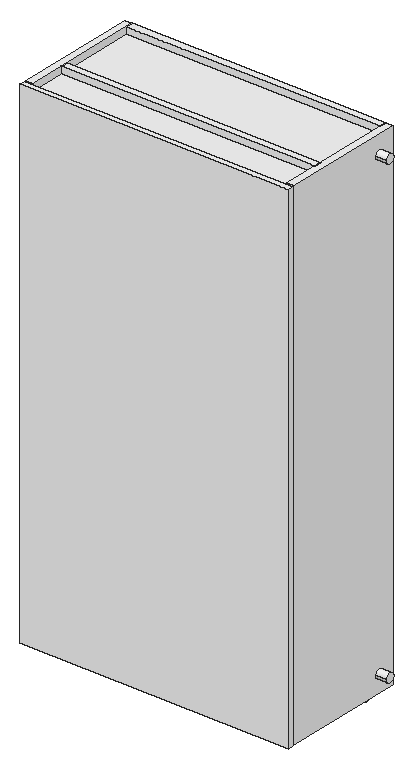
Revit family
Parameters (values of type "TF 5621")
  Tapping Radius = 9.5 mm / 2  # 4.75 mm
  Depth = 146 mm
  URL = "http://viewer.zmags.com/publication/f43ba979"
  Tapping Offset from Wall = if(Depth = 95 mm, 40 mm, if(Depth = 146 mm, 68 mm, 50 mm))  # 68 mm
  Tapping Height = Height - 40 mm  # 520 mm
  Tapping Dim = 15 mm
  Tapping Depth = if((Tapping Radius * 2) > 10 mm, 17 mm, 13 mm)  # 13 mm
  Side Body = not(Depth = 95 mm)  # yes
  Offset from Wall = if(Depth = 95 mm, 115 mm, if(Depth = 146 mm, 166 mm, 80 mm))  # 166 mm
  Model = "TF 5621"
  Mid Body = not(Grill 1)  # yes
  Manufacturer = "Meinertz"  # constant formula
  Keynote = "TF 5621"
  Height Offset from Floor = 100 mm
  Width = 300 mm
  Height = 560 mm
  Heater = RAL 9016
  Grill 2 Right = if(Depth = 95 mm, 5, if(Depth = 146 mm, 12, 2))  # 12
  Grill 2 Left = if(Depth = 95 mm, Grill 2 Right, if(Depth = 146 mm, 10, 2))  # 10
  Grill 2 = and(not(Grill 1), Add Grill)  # yes
  Grill 1 = and(Depth < 95 mm, Add Grill)  # no
  Grill = Grill
  GoGetNo = 6987  # constant formula
  Add Grill = yes
Types (17, lengths in mm): name | Depth | Tapping Offset from Wall | Tapping Height | Side Body | Offset from Wall | Model | Mid Body | Keynote | Height | Grill 2 Right | Grill 2 Left | Grill 2 | Grill 1
  (no name) | 146 | 68 | 520 | yes | 166 | "TF 5621" | yes | "TF 5621" | 560 | 12 | 10 | yes | no
  TF 3510 | 60 | 50 | 310 | yes | 80 | "TF 3510" | no | "TF 3510" | 350 | 2 | 2 | no | yes
  TF 4210 | 60 | 50 | 380 | yes | 80 | "TF 4210" | no | "TF 4210" | 420 | 2 | 2 | no | yes
  TF 4910 | 60 | 50 | 450 | yes | 80 | "TF 4910" | no | "TF 4910" | 490 | 2 | 2 | no | yes
  TF 5610 | 60 | 50 | 520 | yes | 80 | "TF 5610" | no | "TF 5610" | 560 | 2 | 2 | no | yes
  TF 3511 | 60 | 50 | 310 | yes | 80 | "TF 3511" | no | "TF 3511" | 350 | 2 | 2 | no | yes
  TF 4211 | 60 | 50 | 380 | yes | 80 | "TF 4211" | no | "TF 4211" | 420 | 2 | 2 | no | yes
  TF 4911 | 60 | 50 | 450 | yes | 80 | "TF 4911" | no | "TF 4911" | 490 | 2 | 2 | no | yes
  TF 5611 | 60 | 50 | 520 | yes | 80 | "TF 5611" | no | "TF 5611" | 560 | 2 | 2 | no | yes
  TF 3512 | 95 | 40 | 310 | no | 115 | "TF 3512" | yes | "TF 3512" | 350 | 5 | 5 | yes | no
  TF 4212 | 95 | 40 | 380 | no | 115 | "TF 4212" | yes | "TF 4212" | 420 | 5 | 5 | yes | no
  TF 4912 | 95 | 40 | 450 | no | 115 | "TF 4912" | yes | "TF 4912" | 490 | 5 | 5 | yes | no
  TF 5612 | 95 | 40 | 520 | no | 115 | "TF 5612" | yes | "TF 5612" | 560 | 5 | 5 | yes | no
  TF 3521 | 146 | 68 | 310 | yes | 166 | "TF 3521" | yes | "TF 3521" | 350 | 12 | 10 | yes | no
  TF 4221 | 146 | 68 | 380 | yes | 166 | "TF 4221" | yes | "TF 4221" | 420 | 12 | 10 | yes | no
  TF 4921 | 146 | 68 | 450 | yes | 166 | "TF 4921" | yes | "TF 4921" | 490 | 12 | 10 | yes | no
  TF 5621 | 146 | 68 | 520 | yes | 166 | "TF 5621" | yes | "TF 5621" | 560 | 12 | 10 | yes | no
Reference planes
  plane 1 "Center (Front/Back)": y = 0
  plane 2: z = 0
  plane 3 "Center (Left/Right)": x = 0
  plane 4 "bottom": z = 100
  plane 5: y = 73
  plane 6: y = -73
  plane 7: x = -150
  plane 8: x = 150
  plane 9: y = 65
  plane 10: y = -65
  plane 11: x = -142
  plane 12: x = 142
  plane 13: z = 660
  plane 14: z = 653
  plane 15: z = 380
  plane 16: z = 640
  plane 17: z = 120
  plane 18: y = -17.5
  plane 19: y = 27.75
  plane 20 "Wall": y = 93
  plane 21: y = -45.25
  plane 22: x = -132
  plane 23: x = 132
  plane 24: y = 25
  plane 25 "Tap Location": y = 25
Forms (mm)
  Extrusion 1, solid, material "RAL 9016" <- "Heater"
    sketch origin (0, 0, 100) x (-1, 0, 0) y (0, -1, 0)
      loop
        line (150, -73) -> (150, 65) -> (142, 65) -> (142, -73) -> (150, -73)
      loop
        line (-150, -73) -> (-142, -73) -> (-142, 65) -> (-150, 65) -> (-150, -73)
    from 0 to 560
  Extrusion 2, solid, material "RAL 9016" <- "Heater"
    sketch origin (0, 0, 100) x (-1, 0, 0) y (0, -1, 0)
      loop
        line (150, 73) -> (-150, 73) -> (-150, 67) -> (150, 67) -> (150, 73)
    from 0 to 560
  Extrusion 3, solid, material "RAL 9016" <- "Heater", visible <- "Mid Body"
    sketch origin (0, 0, 100) x (-1, 0, 0) y (0, -1, 0)
      loop
        line (142, 17.5) -> (142, 25.5) -> (-142, 25.5) -> (-142, 17.5) -> (142, 17.5)
    from 0 to 560
  Extrusion 4, solid, material "RAL 9016" <- "Heater", visible <- "Side Body"
    sketch origin (0, 0, 100) x (-1, 0, 0) y (0, -1, 0)
      loop
        line (142, -73) -> (142, -65) -> (-142, -65) -> (-142, -73) -> (142, -73)
    from 0 to 560
  Extrusion 5, solid, material "Grill" <- "Grill", visible <- "Grill 1", detail levels fine
    sketch origin (0, 0, 100) x (-1, 0, 0) y (0, -1, 0)
      loop
        line (142, 65) -> (-142, 65) -> (-142, -65) -> (142, -65) -> (142, 65)
    from 545 to 553
  Extrusion 6, solid, material "Grill" <- "Grill", visible <- "Grill 2", detail levels fine
    sketch origin (0, 0, 100) x (-1, 0, 0) y (0, -1, 0)
      loop
        line (142, 65) -> (-142, 65) -> (-142, 25.5) -> (142, 25.5) -> (142, 65)
      loop
        line (142, -73) -> (142, 17.5) -> (-142, 17.5) -> (-142, -73) -> (142, -73)
    from 545 to 553
  Extrusion 7, solid, material "RAL 9016" <- "Heater"
    sketch origin (0, 0, 100) x (-1, 0, 0) y (0, -1, 0)
      loop
        line (142, -73) -> (142, 65) -> (-142, 65) -> (-142, -73) -> (142, -73)
    from 0 to 8
  Extrusion 8, solid, material "Tap"
    sketch origin (-150, -65, 100) x (0, 1, 0) y (0, 0, -1)
      loop
        circle (118, -20) r 4.75
      loop
        circle (118, -540) r 4.75
    from 0 to 13 <- "Tapping Depth"
  Extrusion 9, solid, material "Tap"
    sketch origin (150, 73, 100) x (0, -1, 0) y (0, 0, -1)
      loop
        circle (20, -540) r 4.75
      loop
        circle (20, -20) r 4.75
    from 0 to 13 <- "Tapping Depth"
  Extrusion 10, solid, material "Tap"
    sketch origin (0, 0, 100) x (0, -1, 0) y (-1, 0, 0)
      loop
        circle (-53, 132) r 4.75
      loop
        circle (-53, -132) r 4.75
    from 0 to 13 <- "Tapping Depth"
Dimensions and locks
  locked: plane 7 to plane 11 at 8
  locked: plane 12 to plane 8 at 8
  locked: plane 10 to plane 6 at 8
  locked: plane 9 to plane 5 at 8
  equal spacing: plane 7, plane 3 "Center (Left/Right)", plane 8
  equal spacing: plane 6, plane 1 "Center (Front/Back)", plane 5
  "Width": plane 7 to plane 8
  "Depth": plane 5 to plane 6
  "Height": plane 13 to plane 4 "bottom"
  "Height Offset from Floor": plane 4 "bottom" to plane 2
  locked: plane 13 to plane 14 at 7
  equal spacing: plane 13, plane 15, plane 4 "bottom"
  equal spacing: plane 16, plane 15, plane 17
  "Tapping Height": plane 16 to plane 17
  group 1 to group 2 = 0 mm  (x2)
  group 1 to group 2 = 70 mm
  locked: plane 10 to Extrusion 2 sketch curve at 2
  equal spacing: plane 5, plane 19, plane 18
  locked: plane 18 to plane 6 at 55.5
  "Offset from Wall": plane 20 "Wall" to plane 6
  locked: Extrusion 3 sketch curve to Extrusion 3 sketch curve at 8
  equal spacing: plane 18, plane 21, plane 6
  locked: plane 7 to plane 22 at 18
  locked: plane 23 to plane 8 at 18
  "Tapping Offset from Wall": plane 20 "Wall" to plane 24
  locked: plane 14 to Extrusion 5 at 8
  "Tapping Offset from Wall": plane 25 "Tap Location" to plane 20 "Wall"
  "Tapping Radius": radius of Extrusion 8 sketch curve  (x2)
  "Tapping Radius": radius of Extrusion 9 sketch curve  (x2)
  "Tapping Radius": radius of Extrusion 10 sketch curve  (x2)
  aligned and locked: plane 7 to Extrusion 1 sketch curve
  aligned and locked: plane 5 to Extrusion 1 sketch curve
  aligned and locked: plane 8 to Extrusion 1 sketch curve
  aligned and locked: plane 11 to Extrusion 1 sketch curve
  aligned and locked: plane 10 to Extrusion 1 sketch curve
  aligned and locked: plane 12 to Extrusion 1 sketch curve
  aligned and locked: plane 13 to Extrusion 1
  aligned and locked: Extrusion 1 sketch curve to plane 10
  aligned and locked: Extrusion 2 sketch curve to plane 6
  aligned and locked: Extrusion 2 sketch curve to plane 7
  aligned and locked: Extrusion 2 sketch curve to plane 8
  aligned and locked: plane 13 to Extrusion 2
  aligned and locked: plane 11 to Extrusion 3 sketch curve
  aligned and locked: plane 12 to Extrusion 3 sketch curve
  aligned and locked: plane 13 to Extrusion 3
  aligned and locked: plane 5 to Extrusion 4 sketch curve
  aligned and locked: plane 9 to Extrusion 4 sketch curve
  aligned and locked: plane 12 to Extrusion 4 sketch curve
  aligned and locked: plane 11 to Extrusion 4 sketch curve
  aligned and locked: plane 13 to Extrusion 4
  aligned and locked: Extrusion 3 sketch curve to plane 18
  aligned and locked: Extrusion 5 sketch curve to plane 10
  aligned and locked: plane 9 to Extrusion 5 sketch curve
  aligned and locked: Extrusion 5 sketch curve to plane 11
  aligned and locked: Extrusion 5 sketch curve to plane 12
  aligned and locked: plane 14 to Extrusion 5
  aligned and locked: Extrusion 6 sketch curve to plane 10
  aligned and locked: Extrusion 6 sketch curve to Extrusion 3
  aligned and locked: plane 5 to Extrusion 6 sketch curve
  aligned and locked: plane 18 to Extrusion 6 sketch curve
  aligned and locked: Extrusion 6 sketch curve to Extrusion 6 sketch curve  (x2)
  aligned and locked: plane 11 to Extrusion 6 sketch curve
  aligned and locked: plane 12 to Extrusion 6 sketch curve
  aligned and locked: plane 14 to Extrusion 6
  aligned and locked: Extrusion 6 to Extrusion 5
  aligned and locked: plane 11 to Extrusion 7 sketch curve
  aligned and locked: plane 12 to Extrusion 7 sketch curve
  aligned and locked: plane 10 to Extrusion 7 sketch curve
  aligned and locked: plane 5 to Extrusion 7 sketch curve
Automatic sketch dimensions
  Extrusion 1 sketch curve to plane 5 = 0 mm
  Extrusion 1 to Extrusion 8 sketch curve = 20 mm  (x4)
  Extrusion 9 sketch curve to Extrusion 1 = 20 mm  (x2)
  Extrusion 1 to Extrusion 9 sketch curve = 20 mm  (x2)
  Extrusion 7 to Extrusion 10 sketch curve = 10 mm  (x2)
  Extrusion 7 to Extrusion 10 sketch curve = 20 mm  (x2)
Connectors
  piping at (-163, 53, 640), driven by "Tapping Radius"
    settings: on Extrusion 8, index 1, connector radius 4.75 mm, flow factor 0, pipe flow 0.0 L/s, pressure drop 0.0 Pa, fitting loss kfactor 0, connector angle 0.00°, fixture units 0, flow configuration 1, flow direction 1, fitting loss method 0, system type 22, connector reference index -1, connector utility 0, adjustable connector no, is connector primary yes, fitting loss table "", connector description "A"
  piping at (-163, 53, 120), driven by "Tapping Radius"
    settings: on Extrusion 8, index 2, connector radius 4.75 mm, flow factor 0, pipe flow 0.0 L/s, pressure drop 0.0 Pa, fitting loss kfactor 0, connector angle 0.00°, fixture units 0, flow configuration 1, flow direction 1, fitting loss method 0, system type 22, connector reference index -1, connector utility 0, adjustable connector no, is connector primary no, fitting loss table "", connector description "B"
  piping at (-132, 53, 87), driven by "Tapping Radius"
    settings: on Extrusion 10, index 3, connector radius 4.75 mm, flow factor 0, pipe flow 0.0 L/s, pressure drop 0.0 Pa, fitting loss kfactor 0, connector angle 0.00°, fixture units 0, flow configuration 1, flow direction 1, fitting loss method 0, system type 22, connector reference index -1, connector utility 0, adjustable connector no, is connector primary no, fitting loss table "", connector description "E"
  piping at (132, 53, 87), driven by "Tapping Radius"
    settings: on Extrusion 10, index 4, connector radius 4.75 mm, flow factor 0, pipe flow 0.0 L/s, pressure drop 0.0 Pa, fitting loss kfactor 0, connector angle 0.00°, fixture units 0, flow configuration 1, flow direction 1, fitting loss method 0, system type 22, connector reference index -1, connector utility 0, adjustable connector no, is connector primary no, fitting loss table "", connector description "F"
  piping at (163, 53, 120), driven by "Tapping Radius"
    settings: on Extrusion 9, index 5, connector radius 4.75 mm, flow factor 0, pipe flow 0.0 L/s, pressure drop 0.0 Pa, fitting loss kfactor 0, connector angle 0.00°, fixture units 0, flow configuration 1, flow direction 1, fitting loss method 0, system type 22, connector reference index -1, connector utility 0, adjustable connector no, is connector primary no, fitting loss table "", connector description "D"
  piping at (163, 53, 640), driven by "Tapping Radius"
    settings: on Extrusion 9, index 6, connector radius 4.75 mm, flow factor 0, pipe flow 0.0 L/s, pressure drop 0.0 Pa, fitting loss kfactor 0, connector angle 0.00°, fixture units 0, flow configuration 1, flow direction 1, fitting loss method 0, system type 22, connector reference index -1, connector utility 0, adjustable connector no, is connector primary no, fitting loss table "", connector description "C"
